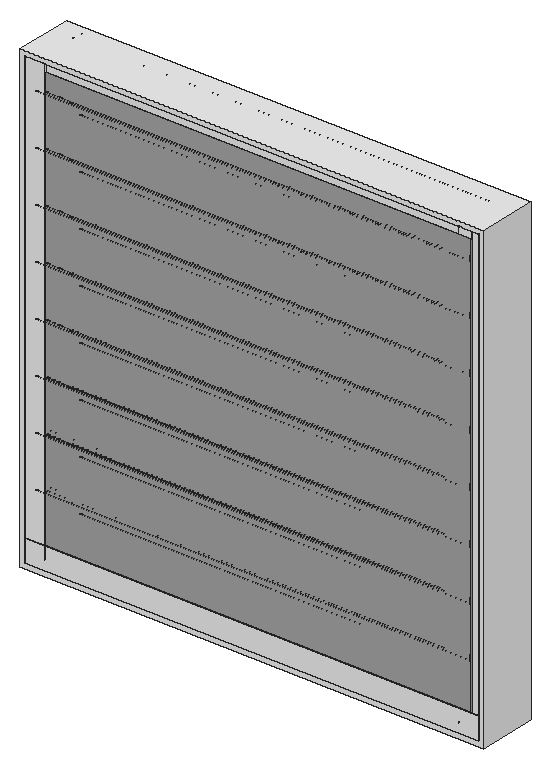
Revit family
Parameters (values of type "Louver_Operable_EOJ-637_All-Lite")
  URL = "http://www.alllite-louvers.com"
  Spacing = 0.458 ft
  SmartBIM Object Version = 3  # constant formula
  SmartBIM Object Created By = "Reed Construction Data"  # constant formula
  Shim Thickness = 0.042 ft
  Screen Width = Width - (2 * Shim Thickness) - 2 * 0.083333 ft  # 3.749333 ft
  Screen Height = Height - (2 * Shim Thickness) - 2 * 0.098958 ft  # 3.718083 ft
  Screen = Aluminum
  Rough Width = 0.0 ft
  Rough Height = 0.0 ft
  Product URL = "http://www.alllite-louvers.com/catalog.php?model=EOJ-637"
  Pressure Loss (in.wg.) = "0.12"  # constant formula
  OmniClass Title = "Exterior Louvers and Grilles"  # constant formula
  OmniClass Code = "23-60 11 17"  # constant formula
  Model Number = "EOJ-637"  # constant formula
  Minimum Size = "12\" x 12\""
  Maximum Size - Single Section = "48\" x 96\" with low leakage seals, 60\" x 96\"  without low leakage seals."
  Maximum Size - Multiple Section = "Unlimited"
  Manufacturer = "All-Lite"  # constant formula
  Louver Width = Width - (2 * Shim Thickness) - 0.166667 ft  # 3.749333 ft
  Louver = Mill finish, 6063-T5 Extruded Aluminum
  Height = 4.0 ft
  Free Area for 48”x48” Louver = "56.3%"
  Free Area Velocity (fpm) = "810"  # constant formula
  Free Area (ft²) for 48"x48" Louver = 9.0 ft
  Frame = Mill finish, 6063-T5 Extruded Aluminum
  Default Sill Height = 3.0 ft
  Wall Closure = (empty or 0)
  Width = 4.0 ft
  Cut Sheet = "http://www.alllite-louvers.com/catalog/AEOJ637.pdf"
  Assembly Code = "B2010300"
  Air Volume Delivered (cfm) = "7,282"  # constant formula
  95 CSI = "10200 "  # constant formula
  04 CSI = "08 91 00"  # constant formula
  # of Louvers = (Height - 0.25 ft) / (Spacing)  # 8
Reference planes (ft)
  plane 1 "Center (Front/Back)": y = 0
  plane 2: z = 0.291667
  plane 3 "Center (Left/Right)": x = 0
  plane 4 "Left": x = -2
  plane 5 "Right": x = 2
  plane 6 "Sill": z = 3.291667
  plane 7 "Top": z = 7.291667
  plane 8: x = -1.958
  plane 9: x = 1.958
  plane 10: z = 7.249667
  plane 11: z = 3.333667
  plane 12: z = 5.291667
  plane 13: z = 3.526375
  plane 14: z = 7.072583
  plane 15: x = -1.932711
Forms (ft)
  Sweep 1, solid, material "Mill finish, 6063-T5 Extruded Aluminum" <- "Frame"
    path origin (-5, 0.333333, 0) x (-1, 0, 0) y (0, 0, 1)
      loop
        line (-6.89025, 7.249667) -> (-3.125333, 7.249667)
    profile "Head Horizontal Mullion : Head Horizontal Mullion" origin (0.007792, 0.333333, 7.249667) x (0, 0, 1) y (0, 1, 0)
      loop
        line (-0.0625, -0.492292) -> (0, -0.492292) -> (0, -0.01) -> (-0.080537, -0.01)
        arc (-0.080537, -0.01) -> (-0.083121, -0.010514) -> (-0.08531, -0.011977) r 0.00675
        line (-0.08531, -0.011977) -> (-0.142259, -0.068926) -> (-0.137486, -0.073699) -> (-0.080537, -0.01675) -> (-0.010125, -0.01675)
        arc (-0.010125, -0.01675) -> (-0.007739, -0.017739) -> (-0.00675, -0.020125) r 0.003375
        line (-0.00675, -0.020125) -> (-0.00675, -0.074875)
        arc (-0.00675, -0.074875) -> (-0.007739, -0.077261) -> (-0.010125, -0.07825) r 0.003375
        line (-0.010125, -0.07825) -> (-0.027583, -0.07825) -> (-0.027583, -0.085) -> (-0.24325, -0.085) -> (-0.24325, -0.01675) -> (-0.135417, -0.01675) -> (-0.135417, -0.01) -> (-0.25, -0.01) -> (-0.25, -0.09175) -> (-0.11088, -0.09175)
        arc (-0.11088, -0.09175) -> (-0.108493, -0.092739) -> (-0.107505, -0.095125) r 0.003375
        line (-0.107505, -0.095125) -> (-0.107505, -0.107504)
        arc (-0.107505, -0.107504) -> (-0.108064, -0.109365) -> (-0.109556, -0.110609) r 0.003375
        arc (-0.109556, -0.110609) -> (-0.117736, -0.120837) -> (-0.113719, -0.133303) r 0.013833
        arc (-0.113719, -0.133303) -> (-0.110058, -0.133976) -> (-0.108005, -0.130871) r 0.003375
        arc (-0.108005, -0.130871) -> (-0.108274, -0.129549) -> (-0.10904, -0.128438) r 0.003375
        arc (-0.10904, -0.128438) -> (-0.10413, -0.11625) -> (-0.099219, -0.128438) r 0.007083
        arc (-0.099219, -0.128438) -> (-0.099985, -0.129549) -> (-0.100255, -0.130871) r 0.003375
        arc (-0.100255, -0.130871) -> (-0.098202, -0.133976) -> (-0.09454, -0.133303) r 0.003375
        arc (-0.09454, -0.133303) -> (-0.090524, -0.120837) -> (-0.098704, -0.110609) r 0.013833
        arc (-0.098704, -0.110609) -> (-0.100196, -0.109365) -> (-0.100755, -0.107504) r 0.003375
        line (-0.100755, -0.107504) -> (-0.100755, -0.095125)
        arc (-0.100755, -0.095125) -> (-0.099766, -0.092739) -> (-0.09738, -0.09175) r 0.003375
        line (-0.09738, -0.09175) -> (-0.06925, -0.09175) -> (-0.06925, -0.0985) -> (-0.046442, -0.0985)
        arc (-0.046442, -0.0985) -> (-0.044055, -0.099489) -> (-0.043067, -0.101875) r 0.003375
        line (-0.043067, -0.101875) -> (-0.043067, -0.107504)
        arc (-0.043067, -0.107504) -> (-0.043626, -0.109365) -> (-0.045118, -0.110609) r 0.003375
        arc (-0.045118, -0.110609) -> (-0.053298, -0.120837) -> (-0.049281, -0.133303) r 0.013833
        arc (-0.049281, -0.133303) -> (-0.04562, -0.133976) -> (-0.043567, -0.130871) r 0.003375
        arc (-0.043567, -0.130871) -> (-0.043836, -0.129549) -> (-0.044602, -0.128438) r 0.003375
        arc (-0.044602, -0.128438) -> (-0.039692, -0.11625) -> (-0.034781, -0.128438) r 0.007083
        arc (-0.034781, -0.128438) -> (-0.035547, -0.129549) -> (-0.035817, -0.130871) r 0.003375
        arc (-0.035817, -0.130871) -> (-0.033763, -0.133976) -> (-0.030102, -0.133303) r 0.003375
        arc (-0.030102, -0.133303) -> (-0.026085, -0.120837) -> (-0.034266, -0.110609) r 0.013833
        arc (-0.034266, -0.110609) -> (-0.035758, -0.109365) -> (-0.036317, -0.107504) r 0.003375
        line (-0.036317, -0.107504) -> (-0.036317, -0.101875)
        arc (-0.036317, -0.101875) -> (-0.035328, -0.099489) -> (-0.032942, -0.0985) r 0.003375
        line (-0.032942, -0.0985) -> (-0.010125, -0.0985)
        arc (-0.010125, -0.0985) -> (-0.007739, -0.099489) -> (-0.00675, -0.101875) r 0.003375
        line (-0.00675, -0.101875) -> (-0.00675, -0.434258)
        arc (-0.00675, -0.434258) -> (-0.007739, -0.436645) -> (-0.010125, -0.437633) r 0.003375
        line (-0.010125, -0.437633) -> (-0.023858, -0.437633)
        arc (-0.023858, -0.437633) -> (-0.025719, -0.437074) -> (-0.026963, -0.435582) r 0.003375
        arc (-0.026963, -0.435582) -> (-0.037191, -0.427402) -> (-0.049657, -0.431419) r 0.013833
        arc (-0.049657, -0.431419) -> (-0.05033, -0.43508) -> (-0.047225, -0.437133) r 0.003375
        arc (-0.047225, -0.437133) -> (-0.045903, -0.436864) -> (-0.044793, -0.436098) r 0.003375
        arc (-0.044793, -0.436098) -> (-0.032604, -0.441008) -> (-0.044793, -0.445919) r 0.007083
        arc (-0.044793, -0.445919) -> (-0.045903, -0.445153) -> (-0.047225, -0.444883) r 0.003375
        arc (-0.047225, -0.444883) -> (-0.05033, -0.446937) -> (-0.049657, -0.450598) r 0.003375
        arc (-0.049657, -0.450598) -> (-0.037191, -0.454615) -> (-0.026963, -0.446435) r 0.013833
        arc (-0.026963, -0.446435) -> (-0.025719, -0.444943) -> (-0.023858, -0.444383) r 0.003375
        line (-0.023858, -0.444383) -> (-0.010125, -0.444383)
        arc (-0.010125, -0.444383) -> (-0.007739, -0.445372) -> (-0.00675, -0.447758) r 0.003375
        line (-0.00675, -0.447758) -> (-0.00675, -0.482167)
        arc (-0.00675, -0.482167) -> (-0.007739, -0.484553) -> (-0.010125, -0.485542) r 0.003375
        line (-0.010125, -0.485542) -> (-0.0625, -0.485542) -> (-0.0625, -0.492292)
  Sweep 2, solid, material "Mill finish, 6063-T5 Extruded Aluminum" <- "Frame"
    path origin (-5, 0.333333, 0) x (-1, 0, 0) y (0, 0, 1)
      loop
        line (-6.958, 3.333667) -> (-3.042, 3.333667)
    profile "Horizontal Mullion : Horizontal Mullion" origin (0, 0.333333, 3.333667) x (0, 0, 1) y (0, 1, 0)
      loop
        line (0.00675, -0.00675) -> (0.076583, -0.00675) -> (0.076583, -0.49325) -> (0.00675, -0.49325) -> (0.00675, -0.458333) -> (0, -0.458333) -> (0, -0.5) -> (0.197917, -0.5) -> (0.197917, -0.49325) -> (0.083333, -0.49325) -> (0.083333, 0) -> (0, 0) -> (0, -0.041667) -> (0.00675, -0.041667) -> (0.00675, -0.00675)
  Sweep 3, solid, material "Mill finish, 6063-T5 Extruded Aluminum" <- "Frame"
    path origin (-5, 0.333333, 0) x (-1, 0, 0) y (0, 0, 1)
      loop
        line (-3, 7.291667) -> (-7, 7.291667) -> (-7, 3.291667) -> (-3, 3.291667) -> (-3, 7.291667)
    profile origin (-2, 0.333333, 5.291667) x (0, 1, 0) y (-1, 0, 0)
      loop
        line (0, 0) -> (-0.499583, 0) -> (-0.499583, -0.042) -> (0, -0.042) -> (0, 0)
  Extrusion 4, solid, material "Aluminum" <- "Screen"
    sketch origin (-1.875, 0.166753, 3.333333) x (0, 0, 1) y (-1, 0, 0)
      loop
        line (3.853833, -0.088917) -> (0.19825, -0.088917) -> (0.19825, -3.76525) -> (3.853833, -3.76525) -> (3.853833, -0.088917)
    from 0.333419 to 0.325711
  Sweep 5, solid, material "Mill finish, 6063-T5 Extruded Aluminum" <- "Frame"
    path origin (-5, 0.333333, 0) x (-1, 0, 0) y (0, 0, 1)
      loop
        line (-3.042, 3.417) -> (-3.042, 7.249667)
    profile "Vertical Mullion : Vertical Mullion" origin (-1.958, 0.333333, 5.333333) x (1, 0, 0) y (0, 1, 0)
      loop
        line (0, -0.499583) -> (0.06775, -0.499583) -> (0.171917, -0.499583) -> (0.171917, -0.489167) -> (0.06775, -0.489167) -> (0.06775, -0.085417) -> (0.010417, -0.085417) -> (0.010417, -0.010417) -> (0.060917, -0.010417) -> (0.060917, -0.026083) -> (0.067667, -0.026083) -> (0.067667, -0.00675) -> (0.083333, -0.00675) -> (0.083333, 0) -> (0, 0) -> (0, -0.095833) -> (0.057333, -0.095833) -> (0.057333, -0.489167) -> (0.010417, -0.489167) -> (0.010417, -0.461583) -> (0, -0.461583) -> (0, -0.499583)
  Sweep 6, solid, material "Mill finish, 6063-T5 Extruded Aluminum" <- "Frame"
    path origin (-5, 0.333333, 0) x (-1, 0, 0) y (0, 0, 1)
      loop
        line (-6.958, 3.417) -> (-6.958, 7.249667)
    profile "Vertical Mullion : Vertical Mullion" origin (1.958, 0.333333, 5.333333) x (1, 0, 0) y (0, 1, 0)
      loop
        line (0, -0.499583) -> (0, -0.461583) -> (-0.010417, -0.461583) -> (-0.010417, -0.489167) -> (-0.057333, -0.489167) -> (-0.057333, -0.095833) -> (0, -0.095833) -> (0, 0) -> (-0.083333, 0) -> (-0.083333, -0.00675) -> (-0.067667, -0.00675) -> (-0.067667, -0.026083) -> (-0.060917, -0.026083) -> (-0.060917, -0.010417) -> (-0.010417, -0.010417) -> (-0.010417, -0.085417) -> (-0.06775, -0.085417) -> (-0.06775, -0.489167) -> (-0.171917, -0.489167) -> (-0.171917, -0.499583) -> (-0.06775, -0.499583) -> (0, -0.499583)
Lines and regions (ft)
  Opening 1
    outline origin (-5, -0.333333, 0) x (1, 0, 0) y (0, 0, 1)
      loop
        line (3, 7.291667) -> (3, 3.291667) -> (7, 3.291667) -> (7, 7.291667) -> (3, 7.291667)
  Masking region 1, detail levels coarse+medium
    outline origin (0, 0, 0) x (1, 0, 0) y (0, 1, 0)
      loop
        line (-1.874667, 0.333333) -> (-2, 0.333333) -> (-2, -0.16625) -> (-1.874667, -0.16625) -> (-1.874667, 0.333333)
      loop
        line (1.874667, 0.333333) -> (1.874667, -0.16625) -> (2, -0.16625) -> (2, 0.333333) -> (1.874667, 0.333333)
  Masking region 2, detail levels fine
    outline origin (0, 0, 0) x (1, 0, 0) y (0, 1, 0)
      loop
        line (1.897083, 0.322917) -> (1.947583, 0.322917) -> (1.947583, 0.247917) -> (1.89025, 0.247917) -> (1.89025, -0.155833) -> (1.786083, -0.155833) -> (1.786083, -0.16625) -> (1.958, -0.16625) -> (1.958, -0.12825) -> (1.947583, -0.12825) -> (1.947583, -0.155833) -> (1.900667, -0.155833) -> (1.900667, 0.2375) -> (1.958, 0.2375) -> (1.958, 0.333333) -> (1.874667, 0.333333) -> (1.874667, 0.326583) -> (1.890333, 0.326583) -> (1.890333, 0.30725) -> (1.897083, 0.30725) -> (1.897083, 0.322917)
      loop
        line (-1.958, -0.16625) -> (-1.786083, -0.16625) -> (-1.786083, -0.155833) -> (-1.89025, -0.155833) -> (-1.89025, 0.247917) -> (-1.947583, 0.247917) -> (-1.947583, 0.322917) -> (-1.897083, 0.322917) -> (-1.897083, 0.30725) -> (-1.890333, 0.30725) -> (-1.890333, 0.326583) -> (-1.874667, 0.326583) -> (-1.874667, 0.333333) -> (-1.958, 0.333333) -> (-1.958, 0.2375) -> (-1.900667, 0.2375) -> (-1.900667, -0.155833) -> (-1.947583, -0.155833) -> (-1.947583, -0.12825) -> (-1.958, -0.12825) -> (-1.958, -0.16625)
Text (ft)
  text "EXTERIOR" at (-4.890733, 4.242245, 0), in view "Ref. Level"
  text "INTERIOR" at (-4.890733, -3.147199, 0), in view "Ref. Level"
  text "Exterior" at (0, 3.638026, 10.266337), in view "Left"
  text "Exterior" at (0, 1.524487, 10.420622), in view "Right"
Dimensions and locks (ft)
  equal spacing: plane 4 "Left", plane 3 "Center (Left/Right)", plane 5 "Right"
  "Width": plane 4 "Left" to plane 5 "Right"
  "Height": plane 6 "Sill" to plane 7 "Top"
  "Default Sill Height": plane 2 to plane 6 "Sill"
  "Shim Thickness": plane 4 "Left" to plane 8
  "Shim Thickness": plane 9 to plane 5 "Right"
  "Shim Thickness": plane 10 to plane 7 "Top"
  "Shim Thickness": plane 6 "Sill" to plane 11
  equal spacing: plane 11, plane 12, plane 10
  locked: plane 10 to plane 14 at 0.177083
  Sweep 3 to host wall = 0.333333 ft
  locked: plane 11 to plane 13 at 0.192708
  equal spacing: group 1, group 3, group 4, group 5, group 6, group 7, group 8, group 2  (x2)
  equal spacing: group 2, group 8, group 7, group 6, group 5, group 4, group 3, group 1
  aligned and locked: plane 7 "Top" to Opening 1 sketch curve
  aligned and locked: plane 6 "Sill" to Opening 1 sketch curve  (x2)
  aligned and locked: plane 5 "Right" to Opening 1 sketch curve
  aligned and locked: plane 4 "Left" to Opening 1 sketch curve
  aligned and locked: plane 10 to Sweep 1 sketch curve
  aligned and locked: Sweep 2 sketch curve to plane 11
  aligned and locked: Sweep 3 sketch curve to plane 4 "Left"
  aligned and locked: Sweep 3 sketch curve to plane 7 "Top"
  aligned and locked: Sweep 3 sketch curve to plane 6 "Sill"
  aligned and locked: Sweep 3 sketch curve to plane 5 "Right"
  aligned and locked: Sweep 3 sketch curve to host wall  (x2)
  aligned and locked: plane 8 to Sweep 3 sketch curve
  aligned and locked: profile plane to host wall
  aligned and locked: plane 8 to Sweep 5 sketch curve
  aligned and locked: plane 10 to Sweep 5 sketch curve
  aligned and locked: Sweep 6 sketch curve to plane 9
  aligned and locked: plane 10 to Sweep 6 sketch curve
  aligned and locked: nested 1 to plane 14
  aligned and locked: Sweep 1 to Extrusion 4 sketch curve
  aligned and locked: Sweep 2 to Extrusion 4 sketch curve
  aligned and locked: Sweep 5 sketch curve to Sweep 2
  aligned and locked: plane 8 to Sweep 2 sketch curve
  aligned and locked: Sweep 2 to Sweep 6 sketch curve
  aligned and locked: plane 9 to Sweep 2 sketch curve
  aligned and locked: Sweep 5 to Extrusion 4 sketch curve
  aligned and locked: Sweep 6 to Extrusion 4 sketch curve
  aligned and locked: nested 1 to Sweep 1
  aligned and locked: Extrusion 4 to Sweep 1
  aligned and locked: Sweep 2 to Extrusion 4
  aligned and locked: nested 2 to plane 13
  aligned and locked: nested 2 to nested 1
  aligned and locked: Sweep 1 sketch curve to Sweep 5
  aligned and locked: Sweep 5 to Masking region 1 sketch curve
  aligned and locked: Masking region 1 sketch curve to Sweep 5
  aligned and locked: Masking region 1 sketch curve to Sweep 3  (x3)
  aligned and locked: Masking region 1 sketch curve to Sweep 6  (x2)
  aligned and locked: Sweep 3 to Masking region 1 sketch curve
  aligned and locked: Masking region 2 sketch curve to Sweep 6  (x20)
  aligned and locked: Masking region 2 sketch curve to Sweep 5  (x20)
Automatic sketch dimensions
  plane 9 to Sweep 1 sketch curve = 0.06775 ft
Nested families (ft)
  nested 1: "Louver Single" at (0, 0.409271, 6.610683), type "Louver"
  nested 2: "Louver Single" at (0, 0.409271, 3.526375), type "Louver"
  nested 3: "Louver Single" at (0, 0.409271, 6.170068), type "Louver"
  nested 4: "Louver Single" at (0, 0.409271, 5.729452), type "Louver"
  nested 5: "Louver Single" at (0, 0.409271, 5.288837), type "Louver"
  nested 6: "Louver Single" at (0, 0.409271, 4.848221), type "Louver"
  nested 7: "Louver Single" at (0, 0.409271, 4.407606), type "Louver"
  nested 8: "Louver Single" at (0, 0.409271, 3.96699), type "Louver"
Connectors (ft)
  hvac at (0.052083, -0.158958, 5.359375), driven by "Screen Height", driven by "Screen Width"
    settings: on Extrusion 4, index 1
Definition of nested family "Louver Single"
  Parameters (values of type "Louver")
    Louver Length = 3.75 ft
    Depth = 0.333333 ft
    Louver Single = yes
    Louver = none
    Assembly Code = ""
  Reference planes (ft)
    plane 1 "Center (Front/Back)": y = -0.085938
    plane 2: z = 0
    plane 3 "Center (Left/Right)": x = 0
    plane 4: x = -1.875
    plane 5: x = 1.875
    plane 6: z = 0.4619
    plane 7: y = -0.568271
    plane 8: x = -1.900833
    plane 9: x = -1.921667
    plane 10: x = -1.9325
    plane 11: x = -1.943333
  Forms (ft)
    Extrusion 1, solid, material <- "Louver"
      sketch origin (0, -0.017391, -0.436653) x (0, 1, 0) y (0, 0, 1)
        loop
          line (-0.442368, 0.804804) -> (-0.541869, 0.835475)
          arc (-0.541869, 0.835475) -> (-0.54359, 0.836696) -> (-0.54425, 0.8387) r 0.003375
          line (-0.54425, 0.8387) -> (-0.54425, 0.895214)
          arc (-0.54425, 0.895214) -> (-0.547625, 0.898589) -> (-0.551, 0.895214) r 0.003375
          line (-0.551, 0.895214) -> (-0.551, 0.836209)
          arc (-0.551, 0.836209) -> (-0.54968, 0.8322) -> (-0.546238, 0.829758) r 0.00675
          line (-0.546238, 0.829758) -> (-0.452134, 0.800751)
          arc (-0.452134, 0.800751) -> (-0.450593, 0.799689) -> (-0.449935, 0.797937) r 0.003125
          arc (-0.449935, 0.797937) -> (-0.449366, 0.793943) -> (-0.44812, 0.790106) r 0.023417
          arc (-0.44812, 0.790106) -> (-0.448435, 0.7871) -> (-0.451147, 0.785767) r 0.003125
          arc (-0.451147, 0.785767) -> (-0.462245, 0.781008) -> (-0.465343, 0.769337) r 0.013792
          arc (-0.465343, 0.769337) -> (-0.463428, 0.766915) -> (-0.460344, 0.767064) r 0.003375
          arc (-0.460344, 0.767064) -> (-0.458959, 0.76859) -> (-0.458719, 0.770636) r 0.003375
          arc (-0.458719, 0.770636) -> (-0.448288, 0.77809) -> (-0.449528, 0.76533) r 0.007042
          arc (-0.449528, 0.76533) -> (-0.45118, 0.764099) -> (-0.451809, 0.762137) r 0.003375
          arc (-0.451809, 0.762137) -> (-0.450396, 0.759391) -> (-0.447341, 0.758944) r 0.003375
          arc (-0.447341, 0.758944) -> (-0.440545, 0.764034) -> (-0.438018, 0.77214) r 0.013792
          arc (-0.438018, 0.77214) -> (-0.436166, 0.775188) -> (-0.432612, 0.774871) r 0.003375
          line (-0.432612, 0.774871) -> (-0.339161, 0.704451)
          arc (-0.339161, 0.704451) -> (-0.331466, 0.692778) -> (-0.332883, 0.678869) r 0.020833
          arc (-0.332883, 0.678869) -> (-0.335393, 0.668557) -> (-0.333587, 0.658098) r 0.026083
          arc (-0.333587, 0.658098) -> (-0.330935, 0.656018) -> (-0.327825, 0.657315) r 0.003333
          line (-0.327825, 0.657315) -> (-0.325787, 0.660019)
          arc (-0.325787, 0.660019) -> (-0.324361, 0.673649) -> (-0.312759, 0.680942) r 0.015667
          line (-0.312759, 0.680942) -> (-0.308524, 0.677751) -> (-0.308016, 0.674133) -> (-0.304368, 0.674619) -> (-0.291879, 0.665207) -> (-0.29137, 0.66159) -> (-0.287723, 0.662076) -> (-0.28351, 0.658901)
          arc (-0.28351, 0.658901) -> (-0.287323, 0.645739) -> (-0.300031, 0.640611) r 0.015667
          line (-0.300031, 0.640611) -> (-0.303805, 0.635602)
          arc (-0.303805, 0.635602) -> (-0.304195, 0.632255) -> (-0.301465, 0.630278) r 0.003333
          arc (-0.301465, 0.630278) -> (-0.290913, 0.631425) -> (-0.281692, 0.636681) r 0.026083
          arc (-0.281692, 0.636681) -> (-0.268713, 0.641877) -> (-0.255371, 0.637697) r 0.020833
          line (-0.255371, 0.637697) -> (-0.187621, 0.586644)
          arc (-0.187621, 0.586644) -> (-0.186291, 0.583652) -> (-0.188124, 0.580939) r 0.003375
          arc (-0.188124, 0.580939) -> (-0.194276, 0.574686) -> (-0.195414, 0.565988) r 0.013792
          arc (-0.195414, 0.565988) -> (-0.193499, 0.563566) -> (-0.190414, 0.563715) r 0.003375
          arc (-0.190414, 0.563715) -> (-0.189029, 0.565241) -> (-0.18879, 0.567287) r 0.003375
          arc (-0.18879, 0.567287) -> (-0.178359, 0.574741) -> (-0.179598, 0.561981) r 0.007042
          arc (-0.179598, 0.561981) -> (-0.181251, 0.56075) -> (-0.18188, 0.558788) r 0.003375
          arc (-0.18188, 0.558788) -> (-0.180467, 0.556042) -> (-0.177411, 0.555595) r 0.003375
          arc (-0.177411, 0.555595) -> (-0.171472, 0.559593) -> (-0.168338, 0.566029) r 0.013792
          arc (-0.168338, 0.566029) -> (-0.166236, 0.56854) -> (-0.162993, 0.568085) r 0.003375
          line (-0.162993, 0.568085) -> (-0.07664, 0.503014)
          arc (-0.07664, 0.503014) -> (-0.075651, 0.501824) -> (-0.075296, 0.500318) r 0.003375
          line (-0.075296, 0.500318) -> (-0.075296, 0.440028)
          arc (-0.075296, 0.440028) -> (-0.071921, 0.436653) -> (-0.068546, 0.440028) r 0.003375
          line (-0.068546, 0.440028) -> (-0.068546, 0.502001)
          arc (-0.068546, 0.502001) -> (-0.069255, 0.505013) -> (-0.071234, 0.507392) r 0.00675
          line (-0.071234, 0.507392) -> (-0.439746, 0.785255)
          arc (-0.439746, 0.785255) -> (-0.442845, 0.788942) -> (-0.443686, 0.793685) r 0.009307
          arc (-0.443686, 0.793685) -> (-0.44325, 0.795315) -> (-0.442024, 0.796475) r 0.003094
          arc (-0.442024, 0.796475) -> (-0.439514, 0.80075) -> (-0.442368, 0.804804) r 0.004578
      from -1.875 to 1.875
    Extrusion 2, solid, material <- "Louver"
      sketch origin (0, -0.014323, -0.001302) x (0, 1, 0) y (0, 0, 1)
        loop
          line (-0.312696, 0.275379) -> (-0.40278, 0.275379)
          arc (-0.40278, 0.275379) -> (-0.456988, 0.221171) -> (-0.40278, 0.166963) r 0.054208
          line (-0.40278, 0.166963) -> (-0.312696, 0.166963)
          arc (-0.312696, 0.166963) -> (-0.258488, 0.221171) -> (-0.312696, 0.275379) r 0.054208
        loop
          circle (-0.312696, 0.221171) r 0.02125
      from -1.921667 to -1.900833
    Extrusion 3, solid, material <- "Louver"
      sketch origin (0, 0, 0) x (0, 1, 0) y (0, 0, 1)
        loop
          circle (-0.428285, 0.221615) r 0.008333
      from -1.943333 to -1.9325
  Cuts and joins
    joined: Extrusion 2, Extrusion 3
  Dimensions and locks (ft)
    equal spacing: plane 4, plane 3 "Center (Left/Right)", plane 5
    "Louver Length": plane 4 to plane 5
    locked: plane 8 to plane 4 at 0.025833
    locked: plane 9 to plane 8 at 0.020833
    locked: plane 10 to plane 9 at 0.010833
    locked: plane 11 to plane 10 at 0.010833
    aligned and locked: Extrusion 1 to plane 4
    aligned and locked: plane 5 to Extrusion 1
    aligned and locked: plane 8 to Extrusion 2
    aligned and locked: Extrusion 2 to plane 9
    aligned and locked: plane 10 to Extrusion 3
    aligned and locked: Extrusion 3 to plane 11
  Automatic sketch dimensions
    Extrusion 1 sketch curve to Extrusion 1 sketch curve = 0.0 ft  (x43)
    Extrusion 1 sketch curve to Extrusion 1 sketch curve = 0.001737 ft
    Extrusion 1 sketch curve to Extrusion 1 sketch curve = 0.002305 ft  (x2)
    plane 1 "Center (Front/Back)" to Extrusion 1 sketch curve = 0.482453 ft
    Extrusion 1 sketch curve to Extrusion 1 sketch curve = 0.003375 ft  (x4)
    Extrusion 1 sketch curve to Extrusion 1 sketch curve = 0.004762 ft
    Extrusion 1 sketch curve to Extrusion 1 sketch curve = 0.002381 ft
    Extrusion 1 sketch curve to Extrusion 1 sketch curve = 0.076526 ft
    Extrusion 1 sketch curve to Extrusion 1 sketch curve = 0.001687 ft
    Extrusion 1 sketch curve to Extrusion 1 sketch curve = 0.003312 ft  (x2)
    Extrusion 1 sketch curve to Extrusion 1 sketch curve = 0.005664 ft
    Extrusion 1 sketch curve to Extrusion 1 sketch curve = 0.000921 ft
    Extrusion 1 sketch curve to Extrusion 1 sketch curve = 0.001908 ft
    Extrusion 1 sketch curve to Extrusion 1 sketch curve = 0.00015 ft
    Extrusion 1 sketch curve to Extrusion 1 sketch curve = 0.00312 ft
    Extrusion 1 sketch curve to Extrusion 1 sketch curve = 0.002282 ft
    Extrusion 1 sketch curve to Extrusion 1 sketch curve = 0.001094 ft
    Extrusion 1 sketch curve to Extrusion 1 sketch curve = 0.002878 ft
    Extrusion 1 sketch curve to Extrusion 1 sketch curve = 0.005846 ft
    Extrusion 1 sketch curve to Extrusion 1 sketch curve = 0.000403 ft
    Extrusion 1 sketch curve to Extrusion 1 sketch curve = 0.001721 ft
    Extrusion 1 sketch curve to Extrusion 1 sketch curve = 0.001662 ft
    Extrusion 1 sketch curve to Extrusion 1 sketch curve = 0.003094 ft
    Extrusion 1 sketch curve to Extrusion 1 sketch curve = 0.000846 ft
    Extrusion 1 sketch curve to Extrusion 1 sketch curve = 0.006179 ft
    Extrusion 1 sketch curve to Extrusion 1 sketch curve = 0.002031 ft  (x4)
    Extrusion 1 sketch curve to Extrusion 1 sketch curve = 0.082945 ft
    Extrusion 1 sketch curve to Extrusion 1 sketch curve = 0.012538 ft  (x2)
    Extrusion 1 sketch curve to Extrusion 1 sketch curve = 0.000705 ft
    Extrusion 1 sketch curve to Extrusion 1 sketch curve = 0.003101 ft
    Extrusion 1 sketch curve to Extrusion 1 sketch curve = 0.002662 ft  (x2)
    Extrusion 1 sketch curve to Extrusion 1 sketch curve = 0.002038 ft
    Extrusion 1 sketch curve to Extrusion 1 sketch curve = 0.020124 ft
    Extrusion 1 sketch curve to Extrusion 1 sketch curve = 0.016462 ft
    Extrusion 1 sketch curve to Extrusion 1 sketch curve = 0.004235 ft
    Extrusion 1 sketch curve to Extrusion 1 sketch curve = 0.000508 ft  (x2)
    Extrusion 1 sketch curve to Extrusion 1 sketch curve = 0.003647 ft  (x2)
    Extrusion 1 sketch curve to Extrusion 1 sketch curve = 0.005519 ft
    Extrusion 1 sketch curve to Extrusion 1 sketch curve = 0.002341 ft
    Extrusion 1 sketch curve to Extrusion 1 sketch curve = 0.003774 ft
    Extrusion 1 sketch curve to Extrusion 1 sketch curve = 0.012113 ft
    Extrusion 1 sketch curve to Extrusion 1 sketch curve = 0.00707 ft
    Extrusion 1 sketch curve to Extrusion 1 sketch curve = 0.004213 ft
    Extrusion 1 sketch curve to Extrusion 1 sketch curve = 0.013783 ft
    Extrusion 1 sketch curve to Extrusion 1 sketch curve = 0.072496 ft
    Extrusion 1 sketch curve to Extrusion 1 sketch curve = 0.001688 ft
    Extrusion 1 sketch curve to Extrusion 1 sketch curve = 0.002449 ft
    Extrusion 1 sketch curve to Extrusion 1 sketch curve = 0.001528 ft
    Extrusion 1 sketch curve to Extrusion 1 sketch curve = 0.002281 ft
    Extrusion 1 sketch curve to Extrusion 1 sketch curve = 0.001093 ft
    level to Extrusion 1 sketch curve = 0.131432 ft
    Extrusion 1 sketch curve to Extrusion 1 sketch curve = 0.086353 ft
    level to Extrusion 1 sketch curve = 0.06636 ft
    Extrusion 1 sketch curve to Extrusion 1 sketch curve = 0.001344 ft
    Extrusion 1 sketch curve to Extrusion 1 sketch curve = 0.004062 ft
    Extrusion 1 sketch curve to Extrusion 1 sketch curve = 0.001683 ft
    Extrusion 1 sketch curve to Extrusion 1 sketch curve = 0.06029 ft
    Extrusion 1 sketch curve to Extrusion 1 sketch curve = 0.002695 ft  (x3)
    Extrusion 1 sketch curve to Extrusion 1 sketch curve = 0.002273 ft  (x2)
    Extrusion 1 sketch curve to Extrusion 1 sketch curve = 0.00064 ft
    Extrusion 1 sketch curve to Extrusion 1 sketch curve = 0.016638 ft
    Extrusion 1 sketch curve to Extrusion 1 sketch curve = 0.002006 ft
    Extrusion 1 sketch curve to Extrusion 1 sketch curve = 0.00393 ft
    Extrusion 1 sketch curve to Extrusion 1 sketch curve = 0.000782 ft
    Extrusion 1 sketch curve to Extrusion 1 sketch curve = 0.006461 ft
    Extrusion 1 sketch curve to Extrusion 1 sketch curve = 0.008943 ft
    Extrusion 1 sketch curve to Extrusion 1 sketch curve = 0.003121 ft
    Extrusion 1 sketch curve to Extrusion 1 sketch curve = 0.006348 ft
    Extrusion 1 sketch curve to Extrusion 1 sketch curve = 0.000047 ft
    Extrusion 1 sketch curve to Extrusion 1 sketch curve = 0.056514 ft
    Extrusion 1 sketch curve to Extrusion 1 sketch curve = 0.00786 ft
    Extrusion 1 sketch curve to Extrusion 1 sketch curve = 0.037111 ft
    Extrusion 1 sketch curve to Extrusion 1 sketch curve = 0.001075 ft
    Extrusion 1 sketch curve to Extrusion 1 sketch curve = 0.002704 ft
    Extrusion 1 sketch curve to Extrusion 1 sketch curve = 0.002688 ft
    Extrusion 1 sketch curve to Extrusion 1 sketch curve = 0.000486 ft  (x2)
    Extrusion 1 sketch curve to Extrusion 1 sketch curve = 0.003618 ft  (x2)
    Extrusion 1 sketch curve to Extrusion 1 sketch curve = 0.071131 ft
    Extrusion 1 sketch curve to Extrusion 1 sketch curve = 0.004851 ft
    Extrusion 1 sketch curve to Extrusion 1 sketch curve = 0.029007 ft
    Extrusion 1 sketch curve to Extrusion 1 sketch curve = 0.000734 ft
    Extrusion 2 sketch curve to plane 7 = 0.151168 ft
    Extrusion 2 sketch curve to Extrusion 2 sketch curve = 0.090083 ft
    level to Extrusion 2 sketch curve = 0.165661 ft
    Extrusion 2 sketch curve to Extrusion 2 sketch curve = 0.054208 ft
    Extrusion 2 sketch curve to Extrusion 2 sketch curve = 0.0 ft  (x2)
    Extrusion 3 sketch curve to plane 7 = 0.139986 ft
    level to Extrusion 3 sketch curve = 0.221615 ft
    radius of Extrusion 2 sketch curve = 0.02125 ft
    radius of Extrusion 3 sketch curve = 0.008333 ft
